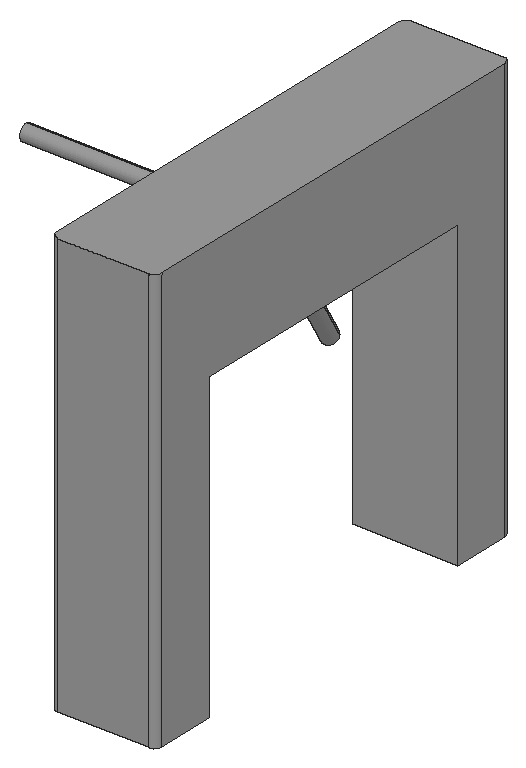
Revit family "record_DurapodDT100ST", category Generic Models, Revit 2020
Family settings
  Can host rebar = No
  Round Connector Dimension = Use Diameter
  Part Type = Normal
  Work Plane-Based = No
  Always vertical = Yes
  Cut with Voids When Loaded = No
  Shared = No
  Room Calculation Point = No
Parameters (values of type "Durapod DT100 ST")
  Width [instance] = 530.0 mm
  Weight = "Depends on configuration and size"
  WarrantyDescription = "Depends on country"
  Uniclass2 = ""
  URL = "http://www.record.group"
  ThresholdRequired = no
  Shape = "Rectangular shaped"
  ServiceLifeDuration = "10-15 years"
  SerialNumber = "n/a"
  SelfClosing = yes
  SafetyDevices = "Force Limitations and Safety Sensors"
  ReplacementCost = "Depends on the configuration and door type"
  ReferenceStandard = "n/a"
  ProductionYear = "n/a"
  PassageWidthOptions = "530"
  OperatingTemperature = "-10º to +70ºC"
  NominalWidth = 758.0 mm
  NominalLength = 1200.0 mm
  NominalHeight = 1006.0 mm
  ModelReference = "Depends on the configuration"
  Model = "Durapod"
  Material = "Aluminum"
  ManufacturerURL = "www.record.group"
  Manufacturer = "Tansa"
  LeafColourOptions = "All RAL, customer specific"
  IssueDate = "n/a"
  IsExternal = yes
  HasDrive = yes
  HandicapAccessible = no
  GlassType = "n/a"
  GlassThickness2 = 0.0 mm
  GlassThickness1 = 0.0 mm
  GlassLayers = 0
  FrameSeal = yes
  FrameProfile = "Aluminium"
  FrameFinishOptions = "Powder coated, Anodized, Clad in stainless steel, etc."
  Frame Material [instance] = record_Metal
  FireExit = yes
  Finish [instance] = "Powder coated, Anodized, stainless steel, customer specific"
  ElectronicLock = yes
  DrumWallOptions = "Metal"
  DoorsetOptions = "no"
  DoorsetOperation = "Automatic"
  DoorsetFasteners = "Screws"
  DoorIncluded = yes
  Description = "Tripod Turnstile"
  Default Elevation = 0.0 mm
  Construction Type = "Tripod turnstile"
  Colour = "Customer specific"
  Clearance Zone Material [instance] = record_Clearance
  Clearance Zone [instance] = no
  Capacity = "n/a"
  Burglar resistance = "No"
  BreakoutFacility = no
  Author = "agtatec"
  AntiFingerTrapRequirement = no
  Anti-tailgating/Anti-piggybacking = "No"
  AccessoryOptions = "Contact manufacturer"
  Access control/Biometrics = "Yes"
Reference planes
  plane 1 "Center (Front/Back)": y = 0
  plane 2: z = 0
  plane 3 "Center (Left/Right)": x = 0
  plane 4: x = -655
Dimensions and locks
  aligned and locked: level to plane 2
Nested families
  nested 1: "record_DurapodDT100_SidePanel" at (0, 0, 0), type "record_DurapodDT100_SidePanel"
  nested 2: "record_DurapodDT100_CZ" at (0, 0, 0), Clearance Zone <- "Clearance Zone", Clearance Zone Material <- "Clearance Zone Material", type "record_DurapodDT100_CZ"
    with Clearance Zone Material record_Clearance, Clearance Zone no
  nested 3: "record_DurapodDT100_RevolvingElement" at (-43.199, 0, 806.699) x (0, 1, 0) z (-0.7071, 0, -0.7071), Frame Material <- "Frame Material", type "record_DurapodDT100_RevolvingElement"
Definition of nested family "record_DurapodDT100_SidePanel"
  Parameters (values of type "record_DurapodDT100_SidePanel")
    Frame Material = none
    Default Elevation = 0.0 mm
  Reference planes
    plane 1 "Center (Front/Back)": y = 0
    plane 2: z = 0
    plane 3 "Center (Left/Right)": x = 0
  Forms (mm)
    Extrusion 1, solid, material <- "Frame Material", detail levels fine
      sketch origin (0, 0, 0) x (1, 0, 0) y (0, 1, 0)
        loop
          line (125, -507) -> (125, 507)
          arc (125, 507) -> (119.728, 519.728) -> (107, 525) r 18
          line (107, 525) -> (-107, 525)
          arc (-107, 525) -> (-119.728, 519.728) -> (-125, 507) r 18
          line (-125, 507) -> (-125, -507)
          arc (-125, -507) -> (-119.728, -519.728) -> (-107, -525) r 18
          line (-107, -525) -> (107, -525)
          arc (107, -525) -> (119.728, -519.728) -> (125, -507) r 18
      from 0 to 1005
    Extrusion 2, solid, material <- "Frame Material", detail levels coarse
      sketch origin (-0.1, 0, 0) x (1, 0, 0) y (0, 1, 0)
        loop
          line (125.1, -525) -> (125.1, 525) -> (-124.9, 525) -> (-124.9, -525) -> (125.1, -525)
      from 0 to 1005
    Extrusion 3, void
      sketch origin (0, 0, 0) x (1, 0, 0) y (0, 0, 1)
        loop
          line (-125, 0) -> (125, 0) -> (125, 723.05) -> (40.45, 723.05) -> (-125, 888.5) -> (-125, 0)
      from -368.5 to 368.5
    Extrusion 4, solid, material <- "Frame Material", detail levels medium
      sketch origin (-0.1, 0, 0) x (1, 0, 0) y (0, 1, 0)
        loop
          line (125.1, -525) -> (125.1, 525) -> (-124.9, 525) -> (-124.9, -525) -> (125.1, -525)
      from 0 to 1005
  Cuts and joins
    Extrusion 3 cuts Extrusion 1
    Extrusion 3 cuts Extrusion 4
  Dimensions and locks
    aligned and locked: level to plane 2
Definition of nested family "record_DurapodDT100_RevolvingElement"
  Parameters (values of type "record_DurapodDT100_RevolvingElement")
    Frame Material [instance] = none
    Default Elevation = 1219.2 mm
  Reference planes
    plane 1 "Center (Front/Back)": y = 0
    plane 2: z = 0
    plane 3 "Center (Left/Right)": x = 0
  Forms (mm)
    Extrusion 1, solid
      sketch origin (0, 0, 0) x (1, 0, 0) y (0, 1, 0)
        loop
          line (-1219.2, 1219.2) -> (-1219.2, -1219.2) -> (1219.2, -1219.2) -> (1219.2, 1219.2) -> (-1219.2, 1219.2)
      from 0 to -304.8
  Dimensions and locks
    aligned and locked: plane 2 to Extrusion 1
    aligned and locked: level to Extrusion 1
  Nested families
    nested 1: "record_DT_RevolvingElement_Free" at (0, 0, 0), type "record_DT_RevolvingElement_Free"
  Definition of nested family "record_DT_RevolvingElement_Free"
    Parameters (values of type "record_DT_RevolvingElement_Free")
      Rods Length = 488.7 mm  # constant formula
      Frame Material = none
      Default Elevation = 0.0 mm
    Reference planes
      plane 1 "Center (Front/Back)": y = 0
      plane 2: z = 0
      plane 3 "Center (Left/Right)": x = 0
      plane 4 "Rods": z = 37
      plane 5 "Rod 2": through (0, 0, 1200) normal (0.5, 0.866, 0)
      plane 6 "Rod 3": through (0, 0, 1200) normal (0.5, -0.866, 0)
      plane 7: through (0, 79.6, 20.378) normal (0, 0.7071, 0.7071)
      plane 8: through (0, 425.163, 365.941) normal (0, 0.7071, 0.7071)
      plane 9: through (0, 431.252, 403.693) normal (0, -0.7071, 0.7071)
      plane 10: through (44.538, -82.063, 20.378) normal (-0.6124, 0.3535, -0.7071)
      plane 11: through (361.188, -264.866, 345.875) normal (-0.6124, 0.3535, -0.7071)
      plane 12: through (349.095, -257.885, 403.709) normal (0.6124, -0.3535, -0.7071)
      plane 13: through (-423.126, -413.002, 545.382) normal (-0.6124, -0.3535, -0.7071)
      plane 14: through (-13.583, -176.572, -0.047) normal (-0.6124, -0.3535, 0.7071)
      plane 15: through (-312.856, -349.342, 345.517) normal (-0.6124, -0.3535, 0.7071)
    Forms (mm)
      Extrusion 1, solid, material <- "Frame Material", detail levels fine
        sketch origin (0, 0, 0) x (1, 0, 0) y (0, 1, 0)
          loop
            circle (0, 0) r 79.6
        from 0 to 20.4
      Sweep 2, solid, material <- "Frame Material", not visible, detail levels medium
        path origin (0, 0, 37) x (0, -1, 0) y (1, 0, 0)
          loop
            line (0, 60.877) -> (0, 685.877)
        profile origin (373.377, 0, 37) x (0, 1, 0) y (0, 0, 1)
          loop
            line (25.5, 1983) -> (-25.5, 1983) -> (-25.5, 1932) -> (25.5, 1932) -> (25.5, 1983)
          loop
            line (25.5, 1822) -> (-25.5, 1822) -> (-25.5, 1771) -> (25.5, 1771) -> (25.5, 1822)
          loop
            line (25.5, 1661) -> (-25.5, 1661) -> (-25.5, 1610) -> (25.5, 1610) -> (25.5, 1661)
          loop
            line (25.5, 1500) -> (-25.5, 1500) -> (-25.5, 1449) -> (25.5, 1449) -> (25.5, 1500)
          loop
            line (25.5, 1339) -> (-25.5, 1339) -> (-25.5, 1288) -> (25.5, 1288) -> (25.5, 1339)
          loop
            line (25.5, 1178) -> (-25.5, 1178) -> (-25.5, 1127) -> (25.5, 1127) -> (25.5, 1178)
          loop
            line (25.5, 1017) -> (-25.5, 1017) -> (-25.5, 966) -> (25.5, 966) -> (25.5, 1017)
          loop
            line (25.5, 856) -> (-25.5, 856) -> (-25.5, 805) -> (25.5, 805) -> (25.5, 856)
          loop
            line (25.5, 695) -> (-25.5, 695) -> (-25.5, 644) -> (25.5, 644) -> (25.5, 695)
          loop
            line (25.5, 534) -> (-25.5, 534) -> (-25.5, 483) -> (25.5, 483) -> (25.5, 534)
          loop
            line (25.5, 373) -> (-25.5, 373) -> (-25.5, 322) -> (25.5, 322) -> (25.5, 373)
          loop
            line (25.5, 212) -> (-25.5, 212) -> (-25.5, 161) -> (25.5, 161) -> (25.5, 212)
          loop
            line (25.5, 51) -> (-25.5, 51) -> (-25.5, 0) -> (25.5, 0) -> (25.5, 51)
      Sweep 3, solid, material <- "Frame Material", not visible, detail levels medium
        path origin (0, 0, 37) x (0, -1, 0) y (1, 0, 0)
          loop
            line (-52.722, -30.439) -> (-593.989, -342.946)
        profile origin (-186.693, 323.356, 37) x (-0.866021, -0.500007, 0) y (0, 0, 1)
          loop
            line (-25.5, 1932) -> (25.5, 1932) -> (25.5, 1983) -> (-25.5, 1983) -> (-25.5, 1932)
          loop
            line (-25.5, 1771) -> (25.5, 1771) -> (25.5, 1822) -> (-25.5, 1822) -> (-25.5, 1771)
          loop
            line (-25.5, 1610) -> (25.5, 1610) -> (25.5, 1661) -> (-25.5, 1661) -> (-25.5, 1610)
          loop
            line (-25.5, 1449) -> (25.5, 1449) -> (25.5, 1500) -> (-25.5, 1500) -> (-25.5, 1449)
          loop
            line (-25.5, 1288) -> (25.5, 1288) -> (25.5, 1339) -> (-25.5, 1339) -> (-25.5, 1288)
          loop
            line (-25.5, 1127) -> (25.5, 1127) -> (25.5, 1178) -> (-25.5, 1178) -> (-25.5, 1127)
          loop
            line (-25.5, 966) -> (25.5, 966) -> (25.5, 1017) -> (-25.5, 1017) -> (-25.5, 966)
          loop
            line (-25.5, 805) -> (25.5, 805) -> (25.5, 856) -> (-25.5, 856) -> (-25.5, 805)
          loop
            line (-25.5, 644) -> (25.5, 644) -> (25.5, 695) -> (-25.5, 695) -> (-25.5, 644)
          loop
            line (-25.5, 483) -> (25.5, 483) -> (25.5, 534) -> (-25.5, 534) -> (-25.5, 483)
          loop
            line (-25.5, 322) -> (25.5, 322) -> (25.5, 373) -> (-25.5, 373) -> (-25.5, 322)
          loop
            line (-25.5, 161) -> (25.5, 161) -> (25.5, 212) -> (-25.5, 212) -> (-25.5, 161)
          loop
            line (-25.5, 0) -> (25.5, 0) -> (25.5, 51) -> (-25.5, 51) -> (-25.5, 0)
      Sweep 4, solid, material <- "Frame Material", not visible, detail levels medium
        path origin (0, 0, 37) x (0, -1, 0) y (1, 0, 0)
          loop
            line (52.717, -30.446) -> (593.999, -342.919)
        profile origin (-186.682, -323.358, 37) x (0.86605, -0.499957, 0) y (0, 0, 1)
          loop
            line (-25.5, 1983) -> (-25.5, 1932) -> (25.5, 1932) -> (25.5, 1983) -> (-25.5, 1983)
          loop
            line (-25.5, 1822) -> (-25.5, 1771) -> (25.5, 1771) -> (25.5, 1822) -> (-25.5, 1822)
          loop
            line (-25.5, 1661) -> (-25.5, 1610) -> (25.5, 1610) -> (25.5, 1661) -> (-25.5, 1661)
          loop
            line (-25.5, 1500) -> (-25.5, 1449) -> (25.5, 1449) -> (25.5, 1500) -> (-25.5, 1500)
          loop
            line (-25.5, 1339) -> (-25.5, 1288) -> (25.5, 1288) -> (25.5, 1339) -> (-25.5, 1339)
          loop
            line (-25.5, 1178) -> (-25.5, 1127) -> (25.5, 1127) -> (25.5, 1178) -> (-25.5, 1178)
          loop
            line (-25.5, 1017) -> (-25.5, 966) -> (25.5, 966) -> (25.5, 1017) -> (-25.5, 1017)
          loop
            line (-25.5, 856) -> (-25.5, 805) -> (25.5, 805) -> (25.5, 856) -> (-25.5, 856)
          loop
            line (-25.5, 695) -> (-25.5, 644) -> (25.5, 644) -> (25.5, 695) -> (-25.5, 695)
          loop
            line (-25.5, 534) -> (-25.5, 483) -> (25.5, 483) -> (25.5, 534) -> (-25.5, 534)
          loop
            line (-25.5, 373) -> (-25.5, 322) -> (25.5, 322) -> (25.5, 373) -> (-25.5, 373)
          loop
            line (-25.5, 212) -> (-25.5, 161) -> (25.5, 161) -> (25.5, 212) -> (-25.5, 212)
          loop
            line (-25.5, 51) -> (-25.5, 0) -> (25.5, 0) -> (25.5, 51) -> (-25.5, 51)
      Sweep 5, solid, material <- "Frame Material", not visible, detail levels fine
        path origin (0, 0, 37) x (0, -1, 0) y (1, 0, 0)
          loop
            line (0, 60.877) -> (0, 685.877)
        profile origin (373.377, 0, 37) x (0, 1, 0) y (0, 0, 1)
          loop
            circle (0, 25.5) r 25.5
          loop
            circle (0, 186.5) r 25.5
          loop
            circle (0, 347.5) r 25.5
          loop
            circle (0, 508.5) r 25.5
          loop
            circle (0, 669.5) r 25.5
          loop
            circle (0, 830.5) r 25.5
          loop
            circle (0, 991.5) r 25.5
          loop
            circle (0, 1152.5) r 25.5
          loop
            circle (0, 1313.5) r 25.5
          loop
            circle (0, 1474.5) r 25.5
          loop
            circle (0, 1635.5) r 25.5
          loop
            circle (0, 1796.5) r 25.5
          loop
            circle (0, 1957.5) r 25.5
      Sweep 6, solid, material <- "Frame Material", not visible, detail levels fine
        path origin (0, 0, 37) x (0, -1, 0) y (1, 0, 0)
          loop
            line (-52.722, -30.439) -> (-593.989, -342.946)
        profile origin (-186.693, 323.356, 37) x (-0.866021, -0.500007, 0) y (0, 0, 1)
          loop
            circle (0, 25.5) r 25.5
          loop
            circle (0, 186.5) r 25.5
          loop
            circle (0, 347.5) r 25.5
          loop
            circle (0, 508.5) r 25.5
          loop
            circle (0, 669.5) r 25.5
          loop
            circle (0, 830.5) r 25.5
          loop
            circle (0, 991.5) r 25.5
          loop
            circle (0, 1152.5) r 25.5
          loop
            circle (0, 1313.5) r 25.5
          loop
            circle (0, 1474.5) r 25.5
          loop
            circle (0, 1635.5) r 25.5
          loop
            circle (0, 1796.5) r 25.5
          loop
            circle (0, 1957.5) r 25.5
      Sweep 7, solid, material <- "Frame Material", not visible, detail levels fine
        path origin (0, 0, 37) x (0, -1, 0) y (1, 0, 0)
          loop
            line (52.717, -30.446) -> (593.999, -342.919)
        profile origin (-186.682, -323.358, 37) x (0.86605, -0.499957, 0) y (0, 0, 1)
          loop
            circle (0, 25.5) r 25.5
          loop
            circle (0, 186.5) r 25.5
          loop
            circle (0, 347.5) r 25.5
          loop
            circle (0, 508.5) r 25.5
          loop
            circle (0, 669.5) r 25.5
          loop
            circle (0, 830.5) r 25.5
          loop
            circle (0, 991.5) r 25.5
          loop
            circle (0, 1152.5) r 25.5
          loop
            circle (0, 1313.5) r 25.5
          loop
            circle (0, 1474.5) r 25.5
          loop
            circle (0, 1635.5) r 25.5
          loop
            circle (0, 1796.5) r 25.5
          loop
            circle (0, 1957.5) r 25.5
      Blend 8, solid, material <- "Frame Material", detail levels fine
        base sketch origin (0, 0, 0) x (1, 0, 0) y (0, 1, 0)
          loop
            circle (0, 0) r 79.601
        top sketch origin (0, 0, 0) x (1, 0, 0) y (0, 1, 0)
          loop
            circle (0, 0) r 31.441
        from 20.4 to 68.5
      Extrusion 9, solid, material <- "Frame Material", detail levels fine
        sketch origin (0, 0, 0) x (1, 0, 0) y (0, 1, 0)
          loop
            circle (0, 0) r 31.441
        from 71.601 to 68.5
      Sweep 10, solid, material <- "Frame Material", detail levels fine
        path origin (0, 0, 0) x (-0.866044, 0.499969, 0) y (0, 0, 1)
          loop
            line (-409.331, 381.774) -> (-60.232, 32.675)
        profile origin (203.331, -117.383, 207.224) x (-0.612385, 0.353531, 0.707107) y (0.499969, 0.866044, 0)
          loop
            circle (0, 0) r 19
      Sweep 11, solid, material <- "Frame Material", detail levels fine
        path origin (0, 0, 0) x (0, 1, 0) y (0, 0, -1)
          loop
            line (60.233, -32.674) -> (409.332, -381.773)
        profile origin (0, 234.782, 207.224) x (0, -0.707107, 0.707107) y (1, 0, 0)
          loop
            circle (0, 0) r 19
      Sweep 12, solid, material <- "Frame Material", detail levels fine
        path origin (0, 0, 0) x (0.866044, 0.499969, 0) y (0, 0, 1)
          loop
            line (-60.238, 32.688) -> (-409.337, 381.786)
        profile origin (-203.336, -117.386, 207.237) x (0.612385, 0.353531, 0.707107) y (-0.499969, 0.866044, 0)
          loop
            circle (0, 0) r 19
      Extrusion 13, solid, material <- "Frame Material", detail levels medium
        sketch origin (0, 0, 0) x (1, 0, 0) y (0, 1, 0)
          loop
            line (79.6, 79.6) -> (-79.6, 79.6) -> (-79.6, -79.6) -> (79.6, -79.6) -> (79.6, 79.6)
        from 0 to 20.4
      Sweep 14, solid, material <- "Frame Material", detail levels medium
        path origin (0, 0, 0) x (-0.866044, 0.499969, 0) y (0, 0, 1)
          loop
            line (-409.331, 381.774) -> (-27.557, 0)
        profile origin (189.182, -109.215, 190.887) x (-0.612385, 0.353531, 0.707107) y (0.499969, 0.866044, 0)
          loop
            line (-19, 19) -> (-19, -19) -> (19, -19) -> (19, 19) -> (-19, 19)
      Sweep 15, solid, material <- "Frame Material", detail levels medium
        path origin (0, 0, 0) x (0, 1, 0) y (0, 0, -1)
          loop
            line (27.559, 0) -> (409.332, -381.773)
        profile origin (0, 218.445, 190.886) x (0, -0.707107, 0.707107) y (1, 0, 0)
          loop
            line (-19, 19) -> (-19, -19) -> (19, -19) -> (19, 19) -> (-19, 19)
      Sweep 16, solid, material <- "Frame Material", detail levels medium
        path origin (0, 0, 0) x (0.866044, 0.499969, 0) y (0, 0, 1)
          loop
            line (-27.551, 0) -> (-409.337, 381.786)
        profile origin (-189.182, -109.215, 190.893) x (0.612385, 0.353531, 0.707107) y (-0.499969, 0.866044, 0)
          loop
            line (-19, -19) -> (19, -19) -> (19, 19) -> (-19, 19) -> (-19, -19)
      Extrusion 17, void
        sketch origin (0, 0, 0) x (1, 0, 0) y (0, 1, 0)
          loop
            line (79.6, 79.6) -> (-79.6, 79.6) -> (-79.6, -79.6) -> (79.6, -79.6) -> (79.6, 79.6)
        from -15 to 20.4
    Cuts and joins
      joined: Extrusion 1, Blend 8, Sweep 10, Sweep 11, Sweep 12
      Extrusion 17 cuts Sweep 15
      joined: Extrusion 13, Sweep 15
      Extrusion 17 cuts Sweep 16
      Extrusion 17 cuts Sweep 14
    Dimensions and locks
      "Rods Length": plane 7 to plane 8
      "Rods Length": plane 11 to plane 10
      Sweep 11 sketch curve to plane 7 = 5.0 mm
      plane 10 to Sweep 10 sketch curve = 5.0 mm
      plane 14 to Sweep 12 sketch curve = 5.0 mm
      "Rods Length": plane 15 to plane 14
      aligned and locked: level to plane 2
      aligned and locked: plane 9 to Sweep 11 sketch curve
      aligned and locked: plane 8 to Sweep 11 sketch curve
      aligned and locked: plane 12 to Sweep 10 sketch curve
      aligned and locked: plane 11 to Sweep 10 sketch curve
      aligned and locked: Sweep 12 sketch curve to plane 13
      aligned and locked: plane 15 to Sweep 12 sketch curve
      aligned and locked: plane 9 to Sweep 15 sketch curve
      aligned and locked: plane 8 to Sweep 15 sketch curve
      aligned and locked: Sweep 14 sketch curve to plane 12
      aligned and locked: plane 11 to Sweep 14 sketch curve
      aligned and locked: Sweep 16 sketch curve to plane 13
      aligned and locked: plane 15 to Sweep 16 sketch curve
    Automatic sketch dimensions
      Sweep 2 sketch curve to Sweep 2 sketch curve = 625.0 mm
      Sweep 2 sketch curve to Sweep 2 sketch curve = 0.0 mm  (x12)
      Sweep 2 sketch curve to Sweep 2 sketch curve = 51.0 mm  (x26)
      Sweep 2 sketch curve to Sweep 2 sketch curve = 110.0 mm  (x12)
      Sweep 3 sketch curve to Sweep 3 sketch curve = 541.267 mm
      Sweep 3 sketch curve to Sweep 3 sketch curve = 312.507 mm
      Sweep 3 sketch curve to Sweep 3 sketch curve = 0.0 mm  (x12)
      Sweep 3 sketch curve to Sweep 3 sketch curve = 51.0 mm  (x26)
      Sweep 3 sketch curve to Sweep 3 sketch curve = 110.0 mm  (x12)
      Sweep 4 sketch curve to Sweep 4 sketch curve = 541.283 mm
      Sweep 4 sketch curve to Sweep 4 sketch curve = 312.474 mm
      Sweep 4 sketch curve to Sweep 4 sketch curve = 0.0 mm  (x12)
      Sweep 4 sketch curve to Sweep 4 sketch curve = 51.0 mm  (x26)
      Sweep 4 sketch curve to Sweep 4 sketch curve = 110.0 mm  (x12)
      Sweep 5 sketch curve to Sweep 5 sketch curve = 625.0 mm
      Sweep 5 sketch curve to Sweep 5 sketch curve = 0.0 mm  (x12)
      Sweep 5 sketch curve to Sweep 5 sketch curve = 161.0 mm  (x12)
      Sweep 6 sketch curve to Sweep 6 sketch curve = 541.267 mm
      Sweep 6 sketch curve to Sweep 6 sketch curve = 312.507 mm
      Sweep 6 sketch curve to Sweep 6 sketch curve = 0.0 mm  (x12)
      Sweep 6 sketch curve to Sweep 6 sketch curve = 161.0 mm  (x12)
      Sweep 7 sketch curve to Sweep 7 sketch curve = 541.283 mm
      Sweep 7 sketch curve to Sweep 7 sketch curve = 312.474 mm
      Sweep 7 sketch curve to Sweep 7 sketch curve = 0.0 mm  (x12)
      Sweep 7 sketch curve to Sweep 7 sketch curve = 161.0 mm  (x12)
      plane 1 "Center (Front/Back)" to Extrusion 1 sketch curve = 0.0 mm
      plane 3 "Center (Left/Right)" to Extrusion 1 sketch curve = 0.0 mm
      plane 1 "Center (Front/Back)" to Blend 8 sketch curve = 0.0 mm  (x2)
      Blend 8 sketch curve to plane 3 "Center (Left/Right)" = 0.0 mm  (x2)
      plane 1 "Center (Front/Back)" to Extrusion 9 sketch curve = 0.0 mm
      plane 3 "Center (Left/Right)" to Extrusion 9 sketch curve = 0.0 mm
      plane 5 "Rod 2" to Sweep 10 sketch curve = 0.0 mm
      Sweep 10 sketch curve to profile plane = 0.0 mm
      Sweep 11 sketch curve to plane 3 "Center (Left/Right)" = 0.0 mm
      Sweep 11 sketch curve to profile plane = 0.0 mm
      Sweep 12 sketch curve to plane 6 "Rod 3" = 0.0 mm
      profile plane to Sweep 12 sketch curve = 0.0 mm
      Extrusion 13 sketch curve to plane 3 "Center (Left/Right)" = 79.6 mm
      plane 3 "Center (Left/Right)" to Extrusion 13 sketch curve = 79.6 mm
      plane 1 "Center (Front/Back)" to Extrusion 13 sketch curve = 79.6 mm
      Extrusion 13 sketch curve to plane 1 "Center (Front/Back)" = 79.6 mm
      Sweep 15 sketch curve to level = 0.0 mm
      plane 3 "Center (Left/Right)" to Sweep 15 sketch curve = 19.0 mm
      profile plane to Sweep 15 sketch curve = 19.0 mm
      Sweep 15 sketch curve to profile plane = 19.0 mm
      Sweep 15 sketch curve to plane 3 "Center (Left/Right)" = 19.0 mm
      Sweep 14 sketch curve to plane 5 "Rod 2" = 19.0 mm
      profile plane to Sweep 14 sketch curve = 19.0 mm
      Sweep 14 sketch curve to profile plane = 19.0 mm
      plane 5 "Rod 2" to Sweep 14 sketch curve = 19.0 mm
      Sweep 16 sketch curve to plane 6 "Rod 3" = 19.0 mm
      plane 6 "Rod 3" to Sweep 16 sketch curve = 19.0 mm
      profile plane to Sweep 16 sketch curve = 19.0 mm
      Sweep 16 sketch curve to profile plane = 19.0 mm
      level to Sweep 14 sketch curve = 0.0 mm
      Sweep 16 sketch curve to level = 0.0 mm
      Extrusion 17 sketch curve to plane 3 "Center (Left/Right)" = 79.6 mm
      plane 3 "Center (Left/Right)" to Extrusion 17 sketch curve = 79.6 mm
      plane 1 "Center (Front/Back)" to Extrusion 17 sketch curve = 79.6 mm
      Extrusion 17 sketch curve to plane 1 "Center (Front/Back)" = 79.6 mm
      radius of Sweep 5 sketch curve = 25.5 mm  (x13)
      radius of Sweep 6 sketch curve = 25.5 mm  (x13)
      radius of Sweep 7 sketch curve = 25.5 mm  (x13)
      radius of Extrusion 1 sketch curve = 79.6 mm
      radius of Blend 8 sketch curve = 79.601 mm
      radius of Blend 8 sketch curve = 31.441 mm
      radius of Extrusion 9 sketch curve = 31.441 mm
      radius of Sweep 10 sketch curve = 19.0 mm
      radius of Sweep 11 sketch curve = 19.0 mm
      radius of Sweep 12 sketch curve = 19.0 mm
Definition of nested family "record_DurapodDT100_CZ"
  Parameters (values of type "record_DurapodDT100_CZ")
    Default Elevation = 0.0 mm
    Clearance Zone Material [instance] = none
    Clearance Zone [instance] = yes
  Reference planes
    plane 1 "Center (Front/Back)": y = 0
    plane 2: z = 0
    plane 3 "Center (Left/Right)": x = 0
  Forms (mm)
    Extrusion 1, solid, material <- "Clearance Zone Material", visible <- "Clearance Zone"
      sketch origin (0, 0, 0) x (1, 0, 0) y (0, 1, 0)
        loop
          line (130, 530) -> (-130, 530) -> (-130, 428.6) -> (-608, 428.6) -> (-608, -428.6) -> (-130, -428.6) -> (-130, -530) -> (130, -530) -> (130, 530)
      from 0 to 1007
    Extrusion 2, void
      sketch origin (0, 0, 0) x (1, 0, 0) y (0, 0, 1)
        loop
          line (-697.81, 849.401) -> (-130, 849.401) -> (-130, 1039.401) -> (-697.81, 1039.401) -> (-697.81, 849.401)
      from -450 to 450
  Cuts and joins
    Extrusion 2 cuts Extrusion 1
  Dimensions and locks
    aligned and locked: level to plane 2
